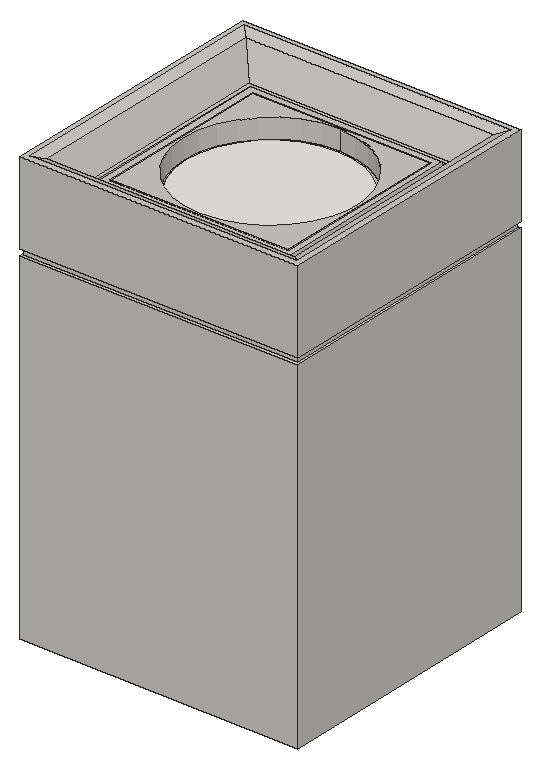
Revit family "Lighting-Luminii-Leto_44_Plus_S_MID new", category Lighting Fixtures, host Face, Revit 2020
Family settings
  Host = Face
  Round Connector Dimension = Use Diameter
  Part Type = Normal
  OmniClass Number = 23.80.70.11.14.11
  OmniClass Title = Downlights
  Cut with Voids When Loaded = No
  Light Source = Yes
  Shared = Yes
  Room Calculation Point = No
Parameters (values of type "Leto 44 Plus S MID")
  Width = 0' - 5 73/128"  # constant formula
  Wattage Comments = "6.5W"
  Wattage = 6.49954 W
  Warranty URL = "https://www.luminii.com/terms-conditions/"
  built-in parameter 1150110 = 1 (stored number, unit not read)
  Voltage Comments = "120V | 277V | 347V"  # constant formula
  Voltage = 120 V
  Version = "2020 - v1.0a"  # constant formula
  URL = "https://www.luminii.com/"
  built-in parameter 1114217 = 1 (stored number, unit not read)
  Tilt Angle = -90.00°  # constant formula
  built-in parameter 1150109 = 1 (stored number, unit not read)
  built-in parameter 1150134 = (empty or 0)
  built-in parameter 1150113 = 1 (stored number, unit not read)
  Support Phone = "224-699-9545"  # constant formula
  Support Email = "mailto:support@bimsmith.com"
  Product Page URL = "https://www.luminii.com/product/leto-44-plus-s-mid/"
  Power Source Type = "Driver"  # constant formula
  Power Factor = 1
  Photometric Web File = "708-A90-610-35-07-00.ies"
  Phase = 1
  Operating Temperature = "Consult Manufacturer Website for more Information"  # constant formula
  Number of Poles = if(and(or(Voltage = 120 V, Voltage = 277 V), Phase = 1), 1, if(and(or(Voltage = 208 V, Voltage = 240 V), Phase = 1), 2, if(and(or(Voltage = 208 V, Voltage = 240 V), Phase = 3), 3, if(and(Voltage > 300 V, Phase = 1), 2, if(and(Voltage > 400 V, Phase = 3), 3, 1)))))  # 1
  Mounting Method = "Ceiling Mount"  # constant formula
  Model = "708"  # constant formula
  Manufacturer Phone Number = "403-216-7043"  # constant formula
  Manufacturer Email = "mailto: info@sensolighting.com"
  Manufacturer Address = "302 50 Ave SE. Calgary, Alberta, T2G 2A9 Canada"  # constant formula
  Manufacturer = "Luminii"  # constant formula
  built-in parameter 1150105 = 55.704 (stored number, unit not read)
  Lumens = 700 lm
  Luminaire Type = "Surface Mount LED Downlight"  # constant formula
  built-in parameter 1150115 = 1 (stored number, unit not read)
  Load Classification = Lighting
  built-in parameter 1150137 = (empty or 0)
  built-in parameter 1150139 = (empty or 0)
  Lens Material = Plastic - Luminii - Frosted Lens
  built-in parameter 1150112 = 1 (stored number, unit not read)
  built-in parameter 1150114 = 1 (stored number, unit not read)
  Lamp Life = 1
  Lamp = "LED"  # constant formula
  Keynote = "26 50 00"
  built-in parameter 1150132 = 2
  built-in parameter 1150102 = (empty or 0)
  built-in parameter 1150107 = 3500 (stored number, unit not read)
  Initial Color Comments = "Perfomance based on 3500K Photometric Web File"  # constant formula
  built-in parameter 1150138 = (empty or 0)
  built-in parameter 1150106 = 0.55704 (stored number, unit not read)
  Housing Protection Rating = "Consult Manufacturer Website for more Information"  # constant formula
  Height = 0' - 8 169/256"  # constant formula
  Has Dimming = 1 = 1  # yes
  Has Battery Backup = 0 = 1  # no
  Frequency Comments = ""  # constant formula
  Frequency = 60 Hz
  Finish = Metal - Luminii - Silver Anodized Aluminum
  Environment = "Indoor"  # constant formula
  built-in parameter 1150104 = 10.006 (stored number, unit not read)
  Dimming Type = "Consult Manufacturer Website for more Information"  # constant formula
  Dimming Lamp Color Temperature Shift = <None>
  Description = "Surface Mount LED Downlight"  # constant formula
  Depth = 0' - 5 73/128"  # constant formula
  Default Elevation = 0' - 0"  # constant formula
  Current Amps = 50 A
  Copyright = "©2024 Luminii"  # constant formula
  Control Zone = "Consult Manufacturer Website for more Information"  # constant formula
  Control Type = "Consult Manufacturer Website for more Information"  # constant formula
  Constraints = 1  # constant formula
  Color Filter = 16777215
  built-in parameter 1114216 [instance] = 0  # (empty or 0)
  Canopy Finish = Metal - Luminii - Silver Anodized Aluminum
  built-in parameter 1140040 [instance] = 1 = 1  # 1
  CCT = "3500K"
  C Canopy Offset [instance] = 0' - 2 9/32"  # constant formula
  built-in parameter 1114218 = 1 (stored number, unit not read)
  built-in parameter 1150133 = 10 (stored number, unit not read)
  Assembly Code = "D5020200"
  Apparent Load = Wattage / Power Factor  # 6.49954 VA
Reference planes (in)
  plane 1 "Center (Front/Back)": y = 0
  plane 2: z = 0
  plane 3 "Center (Left/Right)": x = 0
  plane 4: x = 0
  plane 5: x = 0
  plane 6: y = 3.70117
  plane 7: y = -1.86914
  plane 8 "A": z = 0
  plane 9: z = 8.66016
Forms (in)
  Extrusion 1, solid, material "Metal - Luminii - Silver Anodized Aluminum", not visible
    sketch origin (0, 0, 0) x (1, 0, 0) y (0, 1, 0)
      loop
        circle (0, 0) r 0.5
    from 0 to -0.17225
Dimensions and locks (in)
  equal spacing: plane 4, plane 3 "Center (Left/Right)", plane 5
  plane 6 to plane 1 "Center (Front/Back)" to plane 7 = 0' - 3.70117", 0' - 1.86914"
  plane 4 to plane 5 = 0' - 0"
  "Width": plane 6 to plane 7
  "Height": plane 9 to plane 8 "A"
  locked: plane 9 to imposter light at 0.89373
  plane 9 to plane 8 "A" = 0' - 8 169/256"
  nested 1 to nested 1 = 0' - 5.57087"
  aligned and locked: plane 2 to host face
  aligned and locked: plane 3 "Center (Left/Right)" to Extrusion 1 sketch curve
  aligned and locked: plane 1 "Center (Front/Back)" to Extrusion 1 sketch curve
  aligned and locked: plane 2 to Extrusion 1  (x2)
  aligned and locked: imposter light to plane 3 "Center (Left/Right)"
  aligned and locked: imposter light to plane 1 "Center (Front/Back)"
  aligned and locked: plane 3 "Center (Left/Right)" to nested 1
  aligned and locked: plane 1 "Center (Front/Back)" to nested 1
  aligned and locked: host face to plane 8 "A"
Automatic sketch dimensions
  host sketch curve to host sketch curve = 8' - 0"  (x2)
  radius of Extrusion 1 sketch curve = 0' - 0 1/2"
Nested families (in)
  nested 1: "Nested - Lamp" at (0, 0, 0), type "Nested - Lamp"
Connectors (in)
  electrical at (0, 0, 0), driven by "Number of Poles", driven by "Load Classification", driven by "Voltage", driven by "Apparent Load", driven by "Power Factor"
    settings: on Extrusion 1, index 1, voltage 120 V, apparent load 6.49954 VA, apparent load phase1 0 VA, apparent load phase2 0 VA, apparent load phase3 0 VA, power factor 1, load classification "Lighting", number of poles 1, system type 30, power factor state 1, is connector primary yes, connector utility no, sub classification motor no, connector description "Power Connection"
Definition of nested family "Nested - Lamp"
  Parameters (values of type "Nested - Lamp")
    Width = 0' - 5.57087"  # constant formula
    Screen Material = none
    Inner Screen = none
    Height = 0' - 6.49606"  # constant formula
    Finish = none
    Default Elevation = 4' - 0"
    Constraint = 3
  Reference planes (in)
    plane 1 "Center (Front/Back)": y = 0
    plane 2: z = 0
    plane 3 "Center (Left/Right)": x = 0
    plane 4: y = 2.78543
    plane 5: y = -2.78543
    plane 6: x = -2.78543
    plane 7: x = 2.78543
  Forms (in)
    Extrusion 1, solid
      sketch origin (0, 0, 0) x (1, 0, 0) y (0, 1, 0)
        loop
          line (-48, 48) -> (-48, -48) -> (48, -48) -> (48, 48) -> (-48, 48)
      from 0 to -12
    Sweep 2, solid, material <- "Finish", detail levels medium+fine
      path origin (-0.03362, 1.25, 6.49606) x (0, 1, 0) y (-1, 0, 0)
        loop
          line (1.53543, -2.81906) -> (1.53543, 2.75181) -> (-4.03543, 2.75181) -> (-4.03543, -2.81906) -> (1.53543, -2.81906)
      profile origin (2.78543, 0, 6.49606) x (1, 0, 0) y (0, 0, 1)
        loop
          line (0, -6.49606) -> (0, 0.3937) -> (-0.04724, 0.3937) -> (-0.04724, 0.51181) -> (0, 0.51181) -> (0, 2.16535) -> (-0.10635, 2.16535) -> (-0.30013, 2.09482) -> (-0.62144, 1.53543) -> (-0.71063, 1.53543) -> (-0.7348, 1.25917)
          arc (-0.7348, 1.25917) -> (-0.77582, 1.21815) -> (-0.81683, 1.25917) r 0.04102
          line (-0.81683, 1.25917) -> (-0.87226, 1.65354) -> (-0.99999, 1.65354) -> (-0.99999, 1.03136) -> (-0.21654, 1.03136) -> (-0.21654, -6.29921) -> (-0.07874, -6.29921) -> (-0.07874, -6.49606) -> (0, -6.49606)
    Extrusion 3, solid, material <- "Screen Material"
      sketch origin (0, 0, 7.60956) x (1, 0, 0) y (0, 1, 0)
        loop
          circle (0, 0) r 1.68742
      from 0.14567 to 0.15757
    Extrusion 4, solid, material <- "Finish"
      sketch origin (1.59205, 1.59205, 6.72244) x (0, -1, 0) y (1, 0, 0)
        loop
          circle (1.59205, -1.59205) r 1.73767
        loop
          line (-0.19339, -3.37749) -> (3.37749, -3.37749) -> (3.37749, 0.19339) -> (-0.19339, 0.19339) -> (-0.19339, -3.37749)
      from 1.03279 to 1.42717
    Extrusion 5, solid, material <- "Finish"
      sketch origin (1.59205, 1.59205, 8.23752) x (0, -1, 0) y (1, 0, 0)
        loop
          circle (1.59205, -1.59205) r 1.73767
      from -0.48228 to -0.62795
    Extrusion 6, solid, material <- "Finish"
      sketch origin (-0.03362, 1.25, 8.28705) x (0, 1, 0) y (-1, 0, 0)
        loop
          line (-3.97638, -2.76) -> (1.47638, -2.76) -> (1.47638, 2.69275) -> (-3.97638, 2.69275) -> (-3.97638, -2.76)
        loop
          line (-3.02788, -0.34859) -> (-1.87992, -0.34859)
          arc (-1.87992, -0.34859) -> (-1.65721, -0.44084) -> (-1.56496, -0.66355) r 0.31496
          line (-1.56496, -0.66355) -> (-1.56496, -1.80493)
          arc (-1.56496, -1.80493) -> (-1.25, -2.11989) -> (-0.93504, -1.80493) r 0.31496
          line (-0.93504, -1.80493) -> (-0.93504, -0.66355)
          arc (-0.93504, -0.66355) -> (-0.84279, -0.44084) -> (-0.62008, -0.34859) r 0.31496
          line (-0.62008, -0.34859) -> (0.5213, -0.34859)
          arc (0.5213, -0.34859) -> (0.83626, -0.03362) -> (0.5213, 0.28134) r 0.31496
          line (0.5213, 0.28134) -> (-0.62008, 0.28134)
          arc (-0.62008, 0.28134) -> (-0.84279, 0.37359) -> (-0.93504, 0.5963) r 0.31496
          line (-0.93504, 0.5963) -> (-0.93504, 1.74425)
          arc (-0.93504, 1.74425) -> (-1.25, 2.05921) -> (-1.56496, 1.74425) r 0.31496
          line (-1.56496, 1.74425) -> (-1.56496, 0.5963)
          arc (-1.56496, 0.5963) -> (-1.65721, 0.37359) -> (-1.87992, 0.28134) r 0.31496
          line (-1.87992, 0.28134) -> (-3.02788, 0.28134)
          arc (-3.02788, 0.28134) -> (-3.34284, -0.03362) -> (-3.02788, -0.34859) r 0.31496
      from -8.1649 to -8.0902
    Extrusion 7, solid, material <- "Finish"
      sketch origin (-0.03362, 1.25, 8.28705) x (0, 1, 0) y (-1, 0, 0)
        loop
          line (-3.97638, -2.76) -> (1.47638, -2.76) -> (1.47638, 2.69275) -> (-3.97638, 2.69275) -> (-3.97638, -2.76)
        loop
          arc (-2.46239, 0.53411) -> (-2.58874, -0.03362) -> (-2.46239, -0.60136) r 1.33874
          arc (-2.46239, -0.60136) -> (-2.3038, -0.65359) -> (-2.2511, -0.49516) r 0.11824
          arc (-2.2511, -0.49516) -> (-2.35236, -0.03034) -> (-2.24833, 0.43387) r 1.10236
          arc (-2.24833, 0.43387) -> (-2.30676, 0.58778) -> (-2.46239, 0.53411) r 0.11824
        loop
          arc (-0.03761, 0.53411) -> (-0.19324, 0.58778) -> (-0.25167, 0.43387) r 0.11824
          arc (-0.25167, 0.43387) -> (-0.14764, -0.03034) -> (-0.2489, -0.49516) r 1.10236
          arc (-0.2489, -0.49516) -> (-0.1962, -0.65359) -> (-0.03761, -0.60136) r 0.11824
          arc (-0.03761, -0.60136) -> (0.08874, -0.03362) -> (-0.03761, 0.53411) r 1.33874
        loop
          arc (-0.68227, -1.24602) -> (-0.6286, -1.09038) -> (-0.78251, -1.03195) r 0.11824
          arc (-0.78251, -1.03195) -> (-1.24671, -1.13598) -> (-1.71153, -1.03472) r 1.10236
          arc (-1.71153, -1.03472) -> (-1.86997, -1.08742) -> (-1.81773, -1.24602) r 0.11824
          arc (-1.81773, -1.24602) -> (-1.25, -1.37236) -> (-0.68227, -1.24602) r 1.33874
        loop
          arc (-0.68227, 1.17877) -> (-1.25, 1.30511) -> (-1.81773, 1.17877) r 1.33874
          arc (-1.81773, 1.17877) -> (-1.86997, 1.02017) -> (-1.71153, 0.96747) r 0.11824
          arc (-1.71153, 0.96747) -> (-1.24671, 1.06873) -> (-0.78251, 0.9647) r 1.10236
          arc (-0.78251, 0.9647) -> (-0.6286, 1.02313) -> (-0.68227, 1.17877) r 0.11824
      from -7.81461 to -7.75481
    Sweep 8, solid, material <- "Finish", detail levels coarse
      path origin (-0.03362, 1.25, 6.49606) x (0, 1, 0) y (-1, 0, 0)
        loop
          line (1.53543, -2.81906) -> (1.53543, 2.75181) -> (-4.03543, 2.75181) -> (-4.03543, -2.81906) -> (1.53543, -2.81906)
      profile origin (2.78543, 0, 6.49606) x (1, 0, 0) y (0, 0, 1)
        loop
          line (0, -6.49606) -> (0, 2.16535) -> (-0.10635, 2.16535) -> (-0.30013, 2.09482) -> (-0.5536, 1.65354) -> (-0.99999, 1.65354) -> (-0.99999, 1.03136) -> (-0.21654, 1.03136) -> (-0.21654, -6.29921) -> (-0.07874, -6.29921) -> (-0.07874, -6.49606) -> (0, -6.49606)
    Extrusion 9, solid
      sketch origin (-0.03362, 1.25, 0.47244) x (-1, 0, 0) y (0, 1, 0)
        loop
          circle (-0.94898, 0.84646) r 0.23
      from 0 to 0.05
  Lines and regions (in)
    reference lines
      curve 1: line (0, 0.19685, 7.95242) -> (0, -0.19685, 7.95242)
  Dimensions and locks (in)
    equal spacing: plane 4, plane 1 "Center (Front/Back)", plane 5
    "Width": plane 4 to plane 5
    equal spacing: plane 6, plane 3 "Center (Left/Right)", plane 7
    "Width": plane 6 to plane 7
    aligned and locked: plane 2 to Extrusion 1
    aligned and locked: level to Extrusion 1
    aligned and locked: Sweep 2 sketch curve to plane 7
    aligned and locked: Sweep 2 sketch curve to plane 6
    aligned and locked: Sweep 2 sketch curve to plane 4
    aligned and locked: Sweep 2 sketch curve to plane 5
  Automatic sketch dimensions
    Extrusion 1 sketch curve to Extrusion 1 sketch curve = 8' - 0"  (x2)
    profile plane to Sweep 2 sketch curve = 0' - 0"  (x2)
    Sweep 2 sketch curve to Sweep 2 sketch curve = 0' - 0.04724"
    Sweep 2 sketch curve to Sweep 2 sketch curve = 0' - 0.07874"
    profile plane to Sweep 2 sketch curve = 0' - 0.10635"
    Sweep 2 sketch curve to Sweep 2 sketch curve = 0' - 0.1378"
    Sweep 2 sketch curve to Sweep 2 sketch curve = 0' - 0.19378"
    profile plane to Sweep 2 sketch curve = 0' - 0.62144"
    Sweep 2 sketch curve to Sweep 2 sketch curve = 0' - 0.08919"
    Sweep 2 sketch curve to Sweep 2 sketch curve = 0' - 0.02417"
    Sweep 2 sketch curve to Sweep 2 sketch curve = 0' - 0.04102"
    Sweep 2 sketch curve to Sweep 2 sketch curve = 0' - 0.16163"
    Sweep 2 sketch curve to Sweep 2 sketch curve = 0' - 0.18316"
    Sweep 2 sketch curve to profile plane = 0' - 6.49606"
    Sweep 2 sketch curve to Sweep 2 sketch curve = 0' - 0.19685"
    profile plane to Sweep 2 sketch curve = 0' - 0.3937"
    Sweep 2 sketch curve to Sweep 2 sketch curve = 0' - 0.11811"  (x2)
    profile plane to Sweep 2 sketch curve = 0' - 1.03136"
    Sweep 2 sketch curve to Sweep 2 sketch curve = 0' - 0.22781"
    Sweep 2 sketch curve to Sweep 2 sketch curve = 0' - 0.27626"
    Sweep 2 sketch curve to Sweep 2 sketch curve = 0' - 0.55939"
    Sweep 2 sketch curve to Sweep 2 sketch curve = 0' - 0.07053"
    Extrusion 6 sketch curve to plane 3 "Center (Left/Right)" = 0' - 0"  (x2)
    plane 1 "Center (Front/Back)" to Extrusion 6 sketch curve = 0' - 0"  (x2)
    Extrusion 6 sketch curve to Extrusion 6 sketch curve = 0' - 0.31496"  (x5)
    plane 1 "Center (Front/Back)" to Extrusion 6 sketch curve = 0' - 0.31496"
    Extrusion 6 sketch curve to plane 3 "Center (Left/Right)" = 0' - 0.31496"  (x2)
    Extrusion 6 sketch curve to plane 5 = 0' - 1.00756"
    Extrusion 6 sketch curve to plane 5 = 0' - 0.05906"
    Extrusion 6 sketch curve to plane 4 = 0' - 1.01413"
    Extrusion 6 sketch curve to plane 4 = 0' - 0.05906"
    Extrusion 6 sketch curve to plane 7 = 0' - 1.01413"
    Extrusion 6 sketch curve to plane 7 = 0' - 0.05906"
    Extrusion 6 sketch curve to plane 6 = 0' - 1.00756"
    Extrusion 6 sketch curve to plane 6 = 0' - 0.05906"
    Extrusion 7 sketch curve to Extrusion 7 sketch curve = 0' - 0"  (x56)
    plane 1 "Center (Front/Back)" to Extrusion 7 sketch curve = 0' - 0"
    Extrusion 7 sketch curve to plane 3 "Center (Left/Right)" = 0' - 0"
    plane 1 "Center (Front/Back)" to Extrusion 7 sketch curve = 0' - 0.51432"  (x2)
    Extrusion 7 sketch curve to plane 3 "Center (Left/Right)" = 0' - 0.51432"  (x2)
    Extrusion 7 sketch curve to Extrusion 7 sketch curve = 0' - 0.59258"  (x8)
    plane 3 "Center (Left/Right)" to Extrusion 7 sketch curve = 0' - 0.51432"  (x2)
    Extrusion 7 sketch curve to plane 5 = 0' - 0.05906"
    Extrusion 7 sketch curve to plane 1 "Center (Front/Back)" = 0' - 0.51432"  (x2)
    Extrusion 7 sketch curve to plane 4 = 0' - 0.05906"
    Extrusion 7 sketch curve to plane 7 = 0' - 0.05906"
    Extrusion 7 sketch curve to plane 6 = 0' - 0.05906"
    Extrusion 7 sketch curve to Extrusion 7 sketch curve = 0' - 0.05279"  (x2)
    Extrusion 7 sketch curve to Extrusion 7 sketch curve = 0' - 0.05342"  (x4)
    Extrusion 7 sketch curve to Extrusion 7 sketch curve = 0' - 0.10858"  (x2)
    Extrusion 7 sketch curve to Extrusion 7 sketch curve = 0' - 0.10581"  (x2)
    Extrusion 7 sketch curve to Extrusion 7 sketch curve = 0' - 0.10549"  (x4)
    Extrusion 7 sketch curve to Extrusion 7 sketch curve = 0' - 0.04683"  (x2)
    plane 5 to Sweep 8 sketch curve = 0' - 0"
    Sweep 8 sketch curve to plane 4 = 0' - 0"
    Sweep 8 sketch curve to plane 7 = 0' - 0"
    Sweep 8 sketch curve to plane 6 = 0' - 0"
    profile plane to Sweep 8 sketch curve = 0' - 0"
    profile plane to Sweep 8 sketch curve = 0' - 0.07874"
    Sweep 8 sketch curve to Sweep 8 sketch curve = 0' - 0.10635"
    Sweep 8 sketch curve to Sweep 8 sketch curve = 0' - 0.1378"
    Sweep 8 sketch curve to Sweep 8 sketch curve = 0' - 0.19378"
    Sweep 8 sketch curve to Sweep 8 sketch curve = 0' - 0.25347"
    Sweep 8 sketch curve to Sweep 8 sketch curve = 0' - 0.44639"
    Sweep 8 sketch curve to profile plane = 0' - 6.49606"
    Sweep 8 sketch curve to Sweep 8 sketch curve = 0' - 0.19685"
    profile plane to Sweep 8 sketch curve = 0' - 1.03136"
    Sweep 8 sketch curve to Sweep 8 sketch curve = 0' - 0.62218"
    Sweep 8 sketch curve to Sweep 8 sketch curve = 0' - 0.44128"
    Sweep 8 sketch curve to Sweep 8 sketch curve = 0' - 0.07053"
    Extrusion 7 to Extrusion 9 sketch curve = 0' - 0.62992"
    Extrusion 7 to Extrusion 9 sketch curve = 0' - 1.81102"
    plane 1 "Center (Front/Back)" to curve 1 = 0' - 0.19685"
    level to curve 1 = 0' - 7.95242"
    curve 1 to plane 1 "Center (Front/Back)" = 0' - 0.19685"
    plane 1 "Center (Front/Back)" to Extrusion 3 sketch curve = 0' - 0"
    Extrusion 3 sketch curve to plane 3 "Center (Left/Right)" = 0' - 0"
    plane 1 "Center (Front/Back)" to Extrusion 4 sketch curve = 0' - 0"
    Extrusion 4 sketch curve to plane 3 "Center (Left/Right)" = 0' - 0"
    Extrusion 4 sketch curve to plane 4 = 0' - 1"
    Extrusion 4 sketch curve to plane 5 = 0' - 1"
    Extrusion 4 sketch curve to plane 6 = 0' - 1"
    Extrusion 4 sketch curve to plane 7 = 0' - 1"
    plane 1 "Center (Front/Back)" to Extrusion 5 sketch curve = 0' - 0"
    Extrusion 5 sketch curve to plane 3 "Center (Left/Right)" = 0' - 0"
    radius of Extrusion 9 sketch curve = 0' - 0.23"
    radius of Extrusion 3 sketch curve = 0' - 1.68742"
    radius of Extrusion 4 sketch curve = 0' - 1.73767"
    radius of Extrusion 5 sketch curve = 0' - 1.73767"
